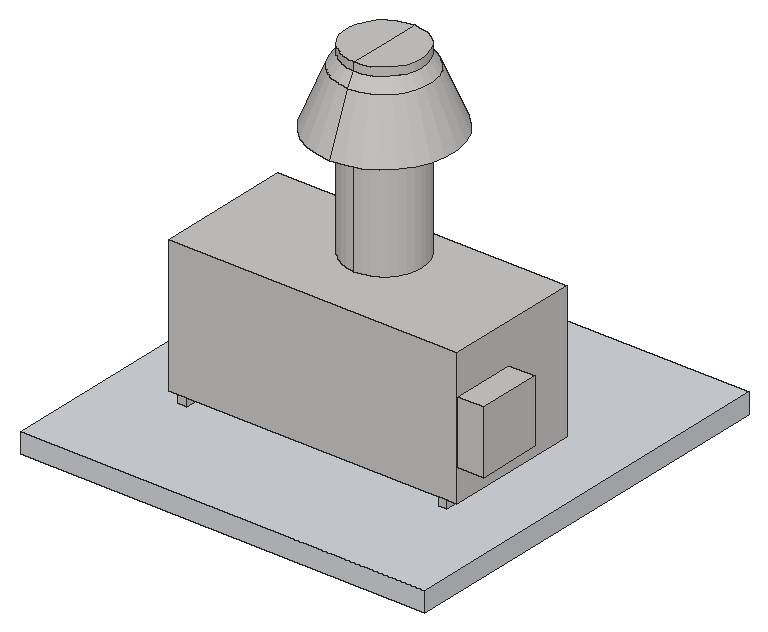
Revit family "DC_Rheem_PLM_Raypak_B1412ID", category Plumbing Fixtures, host Face, Revit 2020
Family settings
  Host = Face
  Round Connector Dimension = Use Radius
  Part Type = Normal
  Cut with Voids When Loaded = No
  Shared = No
  Room Calculation Point = No
Parameters
  Width_ANZRS = 825 mm
  URL = "http://www.rheem.com.au/downloads/PDF/Raypak_Mechanical_Heating_Brochure_July_09.pdf\r\n"
  Type Comments = "Recovery 4988L/h @ 50°C rise\r\n"
  Materials_ANZRS = Raypak - Grey Powder Coated Steel
  PRV_ANZRS = 15 mm
  Model = "B1414PCO/ID\r\n"
  Manufacturer = "Raypak"
  HotWaterOutletRadius_ANZRS = 32.5 mm
  HotWaterOutletDiameter_ANZRS = HotWaterOutletRadius_ANZRS * 2  # 65 mm
  Height_ANZRS = 1990 mm
  GasInletRadius_ANZRS = 16 mm
  GasInletHeight_ANZRS = 410 mm
  GasInletDiameter_ANZRS = GasInletRadius_ANZRS * 2  # 32 mm
  DesignBy_ANZRS = "Design Content ©"
  Description = "Raypak - Gas Water Heater- Indoor - 1296 MJ/h  Propane gas, On/Off gas control\r\n"
  Default Elevation = 0 mm
  ConnectionHeight_ANZRS = 755 mm
  ColdWaterInletRadius_ANZRS = 32.5 mm
  ColdWaterInletDiameter_ANZRS = ColdWaterInletRadius_ANZRS * 2  # 65 mm
  Box Height_ANZRS = 860 mm
  Author_ANZRS = "DM"
  Assembly Code = ""
Types (5, lengths in mm): name | URL | Type Comments | Model | GasInletRadius_ANZRS | GasInletDiameter_ANZRS | Description
  (no name) | "http://www.rheem.com.au/downloads/PDF/Raypak_Mechanical_Heating_Brochure_July_09.pdf\r\n" | "Recovery 4988L/h @ 50°C rise\r\n" | "B1414PCO/ID\r\n" | 16 | 32 | "Raypak - Gas Water Heater- Indoor - 1296 MJ/h  Propane gas, On/Off gas control\r\n"
  Raypak - Gas Water Heater- Indoor - 1412 MJ/h  Natural gas, modulating gas control | "http://www.rheem.com.au/CommercialProducts" | "Recovery 5418L/h @ 50°C rise\r\n" | "B1414NCM/ID\r\n" | 20 | 40 | "Raypak - Gas Water Heater- Indoor - 1412 MJ/h  Natural gas, modulating gas control"
  Raypak - Gas Water Heater- Indoor - 1412 MJ/h  Natural gas, On/Off gas control | "http://www.rheem.com.au/CommercialProducts" | "Recovery 5418L/h @ 50°C rise\r\n" | "B1414NCO/ID\r\n" | 20 | 40 | "Raypak - Gas Water Heater- Indoor - 1412 MJ/h  Natural gas, On/Off gas control\r\n"
  Raypak - Gas Water Heater- Indoor - 1296 MJ/h  Propane gas, modulating gas control | "http://www.rheem.com.au/CommercialProducts" | "Recovery 4988L/h @ 50°C rise\r\n" | "B1414PCM/ID\r\n" | 12.5 | 25 | "Raypak - Gas Water Heater- Indoor - 1296 MJ/h  Propane gas, modulating gas control\r\n"
  Raypak - Gas Water Heater- Indoor - 1296 MJ/h  Propane gas, On/Off gas control | "http://www.rheem.com.au/CommercialProducts" | "Recovery 4988L/h @ 50°C rise\r\n" | "B1414PCO/ID\r\n" | 16 | 32 | "Raypak - Gas Water Heater- Indoor - 1296 MJ/h  Propane gas, On/Off gas control\r\n"
Reference planes
  plane 1 "Center (Front/Back)": y = 0
  plane 2: z = 0
  plane 3 "Center (Left/Right)": x = 0
  plane 4 "H1": z = 1990
  plane 5 "H5": z = 860
  plane 6 "CD 1": z = 755
  plane 7 "CD 2": z = 410
  plane 8 "W1": y = 285
  plane 9 "W2": y = -540
  plane 10 "CD 6": y = 200
  plane 11 "CD 5": y = 130
  plane 12 "CD 4": y = -150
  plane 13 "CD 3": y = -410
  plane 14 "W4": y = 227.5
  plane 15 "W3": y = -227.5
  plane 16: x = -870
  plane 17: x = 870
  plane 18: x = -920
  plane 19: x = -810
  plane 20: x = -760
  plane 21: x = 760
  plane 22: x = 810
  plane 23 "H8": z = 45
  plane 24 "H7": z = 245
  plane 25 "H6": z = 625
  plane 26: x = 1030
  plane 27 "H4": z = 1539.364
  plane 28 "H3": z = 1869.164
  plane 29 "H2": z = 1941.464
  plane 30: y = -227.5
  plane 31: y = -155
Forms (mm)
  Extrusion 1, solid
    sketch origin (0, 0, 0) x (1, 0, 0) y (0, 1, 0)
      loop
        line (-1219.2, 1219.2) -> (-1219.2, -1219.2) -> (1219.2, -1219.2) -> (1219.2, 1219.2) -> (-1219.2, 1219.2)
    from 0 to -120
  Extrusion 2, solid, material "Raypak - Grey Powder Coated Steel" <- "Materials_ANZRS"
    sketch origin (0, 0, 0) x (1, 0, 0) y (0, 1, 0)
      loop
        line (-870, 285) -> (-870, -540) -> (870, -540) -> (870, 285) -> (-870, 285)
    from 45 to 860
  Revolve 3, solid, material "Raypak - Grey Powder Coated Steel" <- "Materials_ANZRS"
    sketch origin (0, 0, 105) x (0, 1, 0) y (0, 0, 1)
      loop
        line (0, 1885) -> (-227.5, 1885) -> (-227.5, 1836.464) -> (-276.845, 1764.164) -> (-410.093, 1434.364) -> (-227.5, 1434.364) -> (-227.5, 755) -> (0, 755) -> (0, 1885)
      axis (0, 1885) -> (0, 755)
    angle from 0 to 360
  Extrusion 4, void
    sketch origin (0, 0, 0) x (0, 1, 0) y (0, 0, 1)
      loop
        circle (200, 755) r 15
      loop
        circle (130, 755) r 32.5
      loop
        circle (-150, 755) r 32.5
    from -870 to -856.802
  Extrusion 5, solid, material "Raypak - Grey Powder Coated Steel" <- "Materials_ANZRS"
    sketch origin (0, 0, 0) x (0, 1, 0) y (0, 0, 1)
      loop
        circle (-410, 410) r 16
    from -920 to -870
  Extrusion 6, solid, material "Raypak - Grey Powder Coated Steel" <- "Materials_ANZRS"
    sketch origin (0, 0, 0) x (1, 0, 0) y (0, 0, 1)
      loop
        line (-760, 0) -> (-760, 45) -> (-810, 45) -> (-810, 0) -> (-760, 0)
      loop
        line (810, 0) -> (810, 45) -> (760, 45) -> (760, 0) -> (810, 0)
    from -285 to 540
  Extrusion 7, solid, material "Raypak - Grey Powder Coated Steel" <- "Materials_ANZRS"
    sketch origin (0, 0, 0) x (1, 0, 0) y (0, 0, 1)
      loop
        line (870, 625) -> (870, 245) -> (1030, 245) -> (1030, 625) -> (870, 625)
    from 155 to 540
Cuts and joins
  Extrusion 4 cuts Extrusion 2
Lines and regions (mm)
  Masking region 1
    outline origin (0, 0, 0) x (1, 0, 0) y (0, 1, 0)
      loop
        line (-870, -540) -> (870, -540) -> (1030, -540) -> (1030, -155) -> (870, -155) -> (870, 285) -> (294.875, 285)
        arc (294.875, 285) -> (160.156, 377.526) -> (0, 410.093) r 410.093
        arc (0, 410.093) -> (-160.156, 377.526) -> (-294.875, 285) r 410.093
        line (-294.875, 285) -> (-870, 285) -> (-870, -540)
  Masking region 2
    outline origin (0, 0, 0) x (1, 0, 0) y (0, 0, 1)
      loop
        line (-810, 0) -> (-760, 0) -> (-760, 45) -> (760, 45) -> (760, 0) -> (810, 0) -> (810, 45) -> (870, 45) -> (870, 245) -> (1030, 245) -> (1030, 625) -> (870, 625) -> (870, 860) -> (227.5, 860) -> (227.5, 1539.364) -> (410.093, 1539.364) -> (276.845, 1869.164) -> (227.5, 1941.464) -> (227.5, 1990) -> (0, 1990) -> (-227.5, 1990) -> (-227.5, 1941.464) -> (-276.845, 1869.164) -> (-410.093, 1539.364) -> (-227.5, 1539.364) -> (-227.5, 860) -> (-870, 860) -> (-870, 45) -> (-810, 45) -> (-810, 0)
  Masking region 3
    outline origin (0, 0, 0) x (0, 1, 0) y (0, 0, 1)
      loop
        line (-227.5, 1990) -> (-227.5, 1941.464) -> (-276.845, 1869.164) -> (-410.093, 1539.364) -> (-227.5, 1539.364) -> (-227.5, 860) -> (-540, 860) -> (-540, 0) -> (285, 0) -> (285, 860) -> (227.5, 860) -> (227.5, 1539.364) -> (410.093, 1539.364) -> (276.845, 1869.164) -> (227.5, 1941.464) -> (227.5, 1990) -> (-227.5, 1990)
  symbolic lines, style "Rheem Raypak", detail levels fine
    curve 1: line (0, 285, 0) -> (0, 285, 860)
    curve 2: line (0, 285, 860) -> (0, -540, 860)
    curve 3: line (0, -540, 860) -> (0, -540, 0)
    curve 4: arc (0, 97.5, 755) -> (0, 130, 722.5) -> (0, 162.5, 755) r 32.5
    curve 5: arc (0, 162.5, 755) -> (0, 130, 787.5) -> (0, 97.5, 755) r 32.5
    curve 6: arc (0, 185, 755) -> (0, 200, 740) -> (0, 215, 755) r 15
    curve 7: arc (0, 215, 755) -> (0, 200, 770) -> (0, 185, 755) r 15
    curve 8: arc (0, -182.5, 755) -> (0, -150, 722.5) -> (0, -117.5, 755) r 32.5
    curve 9: arc (0, -117.5, 755) -> (0, -150, 787.5) -> (0, -182.5, 755) r 32.5
    curve 10: arc (0, -394, 410) -> (0, -410, 394) -> (0, -426, 410) r 16
    curve 11: arc (0, -426, 410) -> (0, -410, 426) -> (0, -394, 410) r 16
    curve 12: line (0, -540, 45) -> (0, 285, 45)
    curve 13: line (0, -540, 0) -> (0, 285, 0)
    curve 14: line (-227.5, 0, 1990) -> (203.249, 0, 1990)
    curve 15: line (-227.5, 0, 1941.464) -> (227.5, 0, 1941.464)
    curve 16: line (-276.845, 0, 1869.164) -> (276.845, 0, 1869.164)
    curve 17: line (-410.093, 0, 1539.364) -> (410.093, 0, 1539.364)
    curve 18: line (870, 0, 860) -> (-870, 0, 860)
    curve 19: line (-870, 0, 45) -> (870, 0, 45)
    curve 20: line (760, 0, 0) -> (810, 0, 0)
    curve 21: line (-810, 0, 0) -> (-760, 0, 0)
    curve 22: line (1030, 0, 625) -> (870, 0, 625)
    curve 23: line (870, 0, 245) -> (1030, 0, 245)
    curve 24: line (1030, 0, 245) -> (1030, 0, 625)
    curve 25: line (227.5, 0, 1539.364) -> (227.5, 0, 860)
    curve 26: line (-227.5, 0, 1990) -> (-227.5, 0, 1941.464)
    curve 27: line (-410.093, 0, 1539.364) -> (-276.845, 0, 1869.164)
    curve 28: line (-227.5, 0, 1539.364) -> (-227.5, 0, 860)
    curve 29: line (-810, 0, 45) -> (-810, 0, 0)
    curve 30: line (-760, 0, 0) -> (-760, 0, 45)
    curve 31: line (810, 0, 0) -> (810, 0, 45)
    curve 32: line (760, 0, 45) -> (760, 0, 0)
    curve 33: line (-920, 0, 425) -> (-920, 0, 395)
    curve 34: line (-920, 0, 425) -> (-870, 0, 425)
    curve 35: line (-920, 0, 395) -> (-870, 0, 395)
    curve 36: arc (0, -410.093, 0) -> (410.093, 0, 0) -> (0, 410.093, 0) r 410.093
    curve 37: arc (0, 410.093, 0) -> (-410.093, 0, 0) -> (0, -410.093, 0) r 410.093
    curve 38: arc (0, -227.5, 0) -> (-227.5, 0, 0) -> (0, 227.5, 0) r 227.5
    curve 39: arc (0, -276.845, 0) -> (-276.845, 0, 0) -> (0, 276.845, 0) r 276.845
    curve 40: arc (0, 227.5, 0) -> (227.5, 0, 0) -> (0, -227.5, 0) r 227.5
    curve 41: arc (0, 276.845, 0) -> (276.845, 0, 0) -> (0, -276.845, 0) r 276.845
    curve 42: line (870, 285, 0) -> (294.875, 285, 0)
    curve 43: line (-870, 285, 0) -> (-870, -540, 0)
    curve 44: line (-870, -540, 0) -> (870, -540, 0)
    curve 45: line (870, -540, 0) -> (870, 285, 0)
    curve 46: line (1030, -540, 0) -> (1030, -155, 0)
    curve 47: line (1030, -155, 0) -> (870, -155, 0)
    curve 48: line (870, -540, 0) -> (1030, -540, 0)
    curve 49: line (-920, -395, 0) -> (-920, -425, 0)
    curve 50: line (-920, -395, 0) -> (-870, -395, 0)
    curve 51: line (-920, -425, 0) -> (-870, -425, 0)
    curve 52: line (0, 227.5, 1539.364) -> (0, 227.5, 860)
    curve 53: line (0, -227.5, 1539.364) -> (0, -227.5, 860)
    curve 54: line (-870, 0, 860) -> (-870, 0, 45)
    curve 55: line (870, 0, 45) -> (870, 0, 860)
    curve 56: line (-294.875, 285, 0) -> (-870, 285, 0)
    curve 57: line (-410.093, 0, 1539.364) -> (-276.845, 0, 1869.164)
    curve 58: line (-227.5, 0, 1941.464) -> (-276.845, 0, 1869.164)
    curve 59: line (-227.5, 0, 1941.464) -> (-227.5, 0, 1990)
    curve 60: line (227.5, 0, 1990) -> (227.5, 0, 1941.464)
    curve 61: line (227.5, 0, 1941.464) -> (276.845, 0, 1869.164)
    curve 62: line (227.5, 0, 1941.464) -> (227.5, 0, 1990)
    curve 63: line (410.093, 0, 1539.364) -> (276.845, 0, 1869.164)
    curve 64: line (0, 227.5, 1941.464) -> (0, -227.5, 1941.464)
    curve 65: line (0, 276.845, 1869.164) -> (0, -276.845, 1869.164)
    curve 66: line (0, -227.5, 1990) -> (0, 227.5, 1990)
    curve 67: line (0, -410.093, 1539.364) -> (0, 410.093, 1539.364)
    curve 68: line (0, 227.5, 1990) -> (0, 227.5, 1941.464)
    curve 69: line (0, -227.5, 1990) -> (0, -227.5, 1941.464)
    curve 70: line (0, 410.093, 1539.364) -> (0, 276.845, 1869.164)
    curve 71: line (0, 276.845, 1869.164) -> (0, 227.5, 1941.464)
    curve 72: line (0, -410.093, 1539.364) -> (0, -276.845, 1869.164)
    curve 73: line (0, -276.845, 1869.164) -> (0, -227.5, 1941.464)
Dimensions and locks
  "Height_ANZRS": plane 4 "H1" to level
  "Box Height_ANZRS": plane 5 "H5" to level
  "ConnectionHeight_ANZRS": plane 6 "CD 1" to Extrusion 1
  "GasInletHeight_ANZRS": plane 7 "CD 2" to level
  plane 8 "W1" to plane 9 "W2" = 825 mm
  plane 8 "W1" to plane 10 "CD 6" = 85 mm
  plane 8 "W1" to plane 11 "CD 5" = 155 mm
  plane 11 "CD 5" to plane 12 "CD 4" = 280 mm
  plane 13 "CD 3" to plane 9 "W2" = 130 mm
  plane 1 "Center (Front/Back)" to plane 9 "W2" = 540 mm
  locked: plane 19 to plane 16 at 60
  locked: plane 20 to plane 19 at 50
  locked: plane 17 to plane 22 at 60
  locked: plane 22 to plane 21 at 50
  plane 23 "H8" to level = 45 mm
  plane 24 "H7" to level = 245 mm
  plane 25 "H6" to plane 24 "H7" = 380 mm
  locked: plane 17 to plane 26 at 160
  plane 4 "H1" to plane 29 "H2" to plane 28 "H3" to plane 27 "H4" = 48.536 mm locked, 72.3 mm locked, 329.8 mm locked
  equal spacing: plane 17, plane 3 "Center (Left/Right)", plane 16
  plane 17 to plane 16 = 1740 mm
  equal spacing: plane 14 "W4", plane 1 "Center (Front/Back)", plane 15 "W3"
  plane 14 "W4" to plane 15 "W3" = 455 mm
  plane 1 "Center (Front/Back)" to plane 30 = 227.5 mm
  locked: plane 16 to plane 18 at 50
  "GasInletRadius_ANZRS": radius of Extrusion 5 sketch curve
  "HotWaterOutletRadius_ANZRS": radius of Extrusion 4 sketch curve
  "ColdWaterInletRadius_ANZRS": radius of Extrusion 4 sketch curve
  "PRV_ANZRS": radius of Extrusion 4 sketch curve
  aligned and locked: plane 2 to Extrusion 1
  aligned and locked: level to Extrusion 1
  aligned and locked: plane 8 "W1" to Extrusion 2 sketch curve
  aligned and locked: plane 16 to Extrusion 2 sketch curve
  aligned and locked: plane 9 "W2" to Extrusion 2 sketch curve
  aligned and locked: plane 17 to Extrusion 2 sketch curve
  aligned and locked: plane 5 "H5" to Extrusion 2
  aligned and locked: Revolve 3 sketch curve to plane 1 "Center (Front/Back)"
  aligned and locked: plane 11 "CD 5" to Extrusion 4 sketch curve
  aligned and locked: plane 10 "CD 6" to Extrusion 4 sketch curve
  aligned and locked: plane 6 "CD 1" to Extrusion 4 sketch curve  (x3)
  aligned and locked: Extrusion 4 to plane 16
  aligned and locked: plane 7 "CD 2" to Extrusion 5 sketch curve
  aligned and locked: plane 13 "CD 3" to Extrusion 5 sketch curve
  aligned and locked: plane 16 to Extrusion 5
  aligned and locked: Extrusion 5 to plane 18
  aligned and locked: Extrusion 2 to plane 23 "H8"
  aligned and locked: level to Extrusion 6 sketch curve  (x2)
  aligned and locked: Extrusion 6 sketch curve to plane 20
  aligned and locked: Extrusion 6 sketch curve to plane 23 "H8"  (x2)
  aligned and locked: plane 19 to Extrusion 6 sketch curve
  aligned and locked: Extrusion 6 sketch curve to plane 22
  aligned and locked: plane 21 to Extrusion 6 sketch curve
  aligned and locked: Extrusion 6 to plane 8 "W1"
  aligned and locked: Extrusion 6 to plane 9 "W2"
  aligned and locked: Extrusion 7 sketch curve to plane 25 "H6"
  aligned and locked: Extrusion 7 sketch curve to plane 26
  aligned and locked: Extrusion 7 sketch curve to plane 24 "H7"
  aligned and locked: cut or joined group of Extrusion 2, Extrusion 4 to Extrusion 7 sketch curve
  aligned and locked: Extrusion 7 to plane 9 "W2"
  aligned and locked: plane 12 "CD 4" to Extrusion 4 sketch curve
  aligned and locked: Revolve 3 sketch curve to plane 4 "H1"
  aligned and locked: plane 5 "H5" to Revolve 3 sketch curve
  aligned and locked: plane 27 "H4" to Revolve 3 sketch curve
  aligned and locked: curve 1 to cut or joined group of Extrusion 2, Extrusion 4
  aligned and locked: curve 2 to cut or joined group of Extrusion 2, Extrusion 4
  aligned and locked: curve 3 to cut or joined group of Extrusion 2, Extrusion 4
  aligned and locked: curve 4 to cut or joined group of Extrusion 2, Extrusion 4
  aligned and locked: curve 5 to cut or joined group of Extrusion 2, Extrusion 4
  aligned and locked: curve 6 to cut or joined group of Extrusion 2, Extrusion 4
  aligned and locked: curve 7 to cut or joined group of Extrusion 2, Extrusion 4
  aligned and locked: curve 8 to cut or joined group of Extrusion 2, Extrusion 4
  aligned and locked: curve 9 to cut or joined group of Extrusion 2, Extrusion 4
  aligned and locked: curve 10 to Extrusion 5
  aligned and locked: curve 11 to Extrusion 5
  aligned and locked: curve 12 to cut or joined group of Extrusion 2, Extrusion 4
  aligned and locked: curve 13 to Extrusion 6
  aligned and locked: curve 14 to Revolve 3
  aligned and locked: curve 15 to plane 29 "H2"
  aligned and locked: curve 16 to plane 28 "H3"
  aligned and locked: curve 17 to Revolve 3
  aligned and locked: curve 18 to cut or joined group of Extrusion 2, Extrusion 4
  aligned and locked: curve 19 to cut or joined group of Extrusion 2, Extrusion 4
  aligned and locked: curve 20 to Extrusion 6
  aligned and locked: curve 21 to Extrusion 6
  aligned and locked: curve 22 to Extrusion 7
  aligned and locked: curve 23 to Extrusion 7
  aligned and locked: curve 24 to Extrusion 7
  aligned and locked: plane 5 "H5" to curve 28
  aligned and locked: plane 27 "H4" to curve 28
  aligned and locked: curve 29 to Extrusion 6
  aligned and locked: curve 30 to Extrusion 6
  aligned and locked: curve 31 to Extrusion 6
  aligned and locked: curve 32 to Extrusion 6
  aligned and locked: Extrusion 5 to curve 33
  aligned and locked: curve 36 to Revolve 3
  aligned and locked: curve 37 to Revolve 3
  aligned and locked: curve 38 to Revolve 3
  aligned and locked: curve 39 to Revolve 3
  aligned and locked: curve 40 to Revolve 3
  aligned and locked: curve 41 to Revolve 3
  aligned and locked: curve 42 to cut or joined group of Extrusion 2, Extrusion 4
  aligned and locked: curve 43 to cut or joined group of Extrusion 2, Extrusion 4
  aligned and locked: curve 44 to cut or joined group of Extrusion 2, Extrusion 4
  aligned and locked: curve 45 to cut or joined group of Extrusion 2, Extrusion 4
  aligned and locked: curve 46 to Extrusion 7
  aligned and locked: curve 47 to Extrusion 7
  aligned and locked: curve 48 to Extrusion 7
  aligned and locked: Extrusion 5 to curve 49
  aligned and locked: plane 14 "W4" to curve 52
  aligned and locked: curve 53 to plane 15 "W3"
  aligned and locked: Masking region 1 sketch curve to curve 44
  aligned and locked: Masking region 1 sketch curve to curve 48
  aligned and locked: Masking region 1 sketch curve to curve 46
  aligned and locked: Masking region 1 sketch curve to curve 47
  aligned and locked: curve 45 to Masking region 1 sketch curve
  aligned and locked: Masking region 1 sketch curve to curve 42
  aligned and locked: Masking region 1 sketch curve to curve 37
  aligned and locked: Masking region 1 sketch curve to curve 36
  aligned and locked: Masking region 1 sketch curve to curve 56
  aligned and locked: Masking region 1 sketch curve to curve 43
  aligned and locked: plane 29 "H2" to Revolve 3 sketch curve
  aligned and locked: Revolve 3 sketch curve to plane 15 "W3"
  aligned and locked: plane 15 "W3" to Revolve 3 sketch curve
  aligned and locked: Masking region 2 sketch curve to Extrusion 6  (x6)
  aligned and locked: Masking region 2 sketch curve to cut or joined group of Extrusion 2, Extrusion 4  (x4)
  aligned and locked: Masking region 2 sketch curve to curve 28
  aligned and locked: Masking region 2 sketch curve to Revolve 3  (x3)
  aligned and locked: Masking region 2 sketch curve to curve 57
  aligned and locked: Masking region 2 sketch curve to curve 58
  aligned and locked: Masking region 2 sketch curve to curve 59
  aligned and locked: Revolve 3 to Masking region 2 sketch curve
  aligned and locked: Masking region 2 sketch curve to curve 63
  aligned and locked: Masking region 2 sketch curve to curve 61
  aligned and locked: Masking region 2 sketch curve to curve 62
  aligned and locked: Masking region 2 sketch curve to curve 25
  aligned and locked: Masking region 2 sketch curve to Extrusion 7  (x3)
  aligned and locked: Masking region 3 sketch curve to Revolve 3  (x2)
  aligned and locked: Masking region 3 sketch curve to curve 52
  aligned and locked: Masking region 3 sketch curve to cut or joined group of Extrusion 2, Extrusion 4  (x3)
  aligned and locked: Masking region 3 sketch curve to Extrusion 6
  aligned and locked: Masking region 3 sketch curve to curve 53
  aligned and locked: plane 31 to Extrusion 7
Automatic sketch dimensions
  Extrusion 1 sketch curve to Extrusion 1 sketch curve = 2438.4 mm  (x2)
  curve 49 to plane 18 = 0 mm
  curve 50 to plane 16 = 0 mm
  plane 8 "W1" to curve 56 = 0 mm
  plane 8 "W1" to curve 42 = 0 mm
  curve 42 to plane 17 = 0 mm
  plane 1 "Center (Front/Back)" to curve 47 = 155 mm
  curve 47 to plane 26 = 0 mm
  curve 45 to plane 9 "W2" = 0 mm
  plane 13 "CD 3" to curve 51 = 15 mm
  curve 50 to plane 13 "CD 3" = 15 mm
  curve 33 to plane 18 = 0 mm
  curve 34 to plane 16 = 0 mm
  curve 29 to plane 19 = 0 mm
  curve 30 to plane 20 = 0 mm
  curve 26 to plane 4 "H1" = 0 mm
  curve 60 to plane 4 "H1" = 0 mm
  curve 62 to plane 4 "H1" = 0 mm
  curve 32 to level = 0 mm
  curve 32 to plane 21 = 0 mm
  curve 31 to plane 22 = 0 mm
  plane 17 to curve 55 = 0 mm
  curve 24 to plane 24 "H7" = 0 mm
  curve 24 to plane 26 = 0 mm
  curve 29 to level = 0 mm
  curve 31 to plane 23 "H8" = 0 mm
  curve 24 to plane 25 "H6" = 0 mm
  plane 20 to curve 17 = 349.907 mm
  curve 16 to curve 26 = 49.345 mm
  curve 17 to curve 28 = 182.593 mm
  plane 3 "Center (Left/Right)" to curve 15 = 227.5 mm
  curve 14 to curve 15 = 24.251 mm
  curve 60 to curve 16 = 49.345 mm
  curve 25 to curve 63 = 182.593 mm
  curve 35 to plane 7 "CD 2" = 15 mm
  plane 7 "CD 2" to curve 34 = 15 mm
  Revolve 3 sketch curve to plane 28 "H3" = 0 mm
  Revolve 3 sketch curve to plane 1 "Center (Front/Back)" = 0 mm
  Revolve 3 sketch curve to plane 15 "W3" = 49.345 mm
  plane 13 "CD 3" to Revolve 3 sketch curve = 0.093 mm
  Revolve 3 sketch curve to Revolve 3 sketch curve = 310 mm
  Revolve 3 sketch curve to Revolve 3 sketch curve = 130 mm
  Masking region 1 sketch curve to plane 17 = 0 mm
  Masking region 2 sketch curve to plane 3 "Center (Left/Right)" = 0 mm
  plane 17 to Masking region 2 sketch curve = 0 mm
  Masking region 2 sketch curve to plane 23 "H8" = 0 mm  (x2)
  Masking region 2 sketch curve to plane 5 "H5" = 0 mm
  curve 13 to level = 0 mm
  curve 13 to plane 9 "W2" = 0 mm
  curve 71 to plane 28 "H3" = 0 mm
  curve 1 to plane 5 "H5" = 0 mm
  curve 1 to plane 8 "W1" = 0 mm
  plane 13 "CD 3" to curve 67 = 0.093 mm
  curve 73 to plane 15 "W3" = 49.345 mm
  plane 8 "W1" to curve 71 = 8.155 mm
  curve 67 to plane 8 "W1" = 125.093 mm
  Masking region 3 sketch curve to plane 5 "H5" = 0 mm
  Masking region 3 sketch curve to plane 27 "H4" = 0 mm
  curve 68 to plane 4 "H1" = 0 mm
  curve 70 to plane 27 "H4" = 0 mm
  curve 71 to plane 29 "H2" = 0 mm
  curve 64 to plane 15 "W3" = 0 mm
  curve 66 to plane 14 "W4" = 0 mm
  curve 53 to plane 27 "H4" = 0 mm
  curve 52 to plane 27 "H4" = 0 mm
  Masking region 3 sketch curve to plane 28 "H3" = 0 mm  (x2)
  Masking region 3 sketch curve to plane 15 "W3" = 0 mm
  Masking region 3 sketch curve to plane 14 "W4" = 0 mm
  Masking region 3 sketch curve to plane 29 "H2" = 0 mm  (x2)
  plane 13 "CD 3" to Masking region 3 sketch curve = 0.093 mm
  Masking region 3 sketch curve to plane 15 "W3" = 49.345 mm
  plane 8 "W1" to Masking region 3 sketch curve = 8.155 mm
  Masking region 3 sketch curve to plane 8 "W1" = 125.093 mm
  curve 57 to plane 3 "Center (Left/Right)" = 276.845 mm
  plane 3 "Center (Left/Right)" to curve 25 = 227.5 mm
Connectors
  piping at (-920, -410, 410), diameter 32, driven by "GasInletRadius_ANZRS"
    settings: on Extrusion 5, index 3, connector inside diameter 1.25984", connector length 0 mm, flow factor 0, pipe flow 0 GPM, pressure drop 0.00 psi, fitting loss kfactor 0, connector angle 0.00°, fixture units 0, engagement length 0 mm, angle of deflection 0.00°, flow configuration 1, flow direction 1, fitting loss method 0, system type 22, joint type 0, gender type 0, connector reference index -1, connector utility 0, adjustable connector no, is connector primary yes, connector description "Gas"
  piping at (-870, -150, 755), diameter 65, driven by "ColdWaterInletRadius_ANZRS"
    settings: on cut or joined group of Extrusion 2, Extrusion 4, index 4, connector inside diameter 2.55906", connector length 0 mm, flow factor 0, pipe flow 0 GPM, pressure drop 0.00 psi, fitting loss kfactor 0, connector angle 0.00°, fixture units 0, engagement length 0 mm, angle of deflection 0.00°, flow configuration 1, flow direction 1, fitting loss method 0, system type 20, joint type 0, gender type 0, connector reference index -1, connector utility 0, adjustable connector no, is connector primary no, connector description ""
  piping at (-870, 130, 755), diameter 65, driven by "HotWaterOutletRadius_ANZRS"
    settings: on cut or joined group of Extrusion 2, Extrusion 4, index 5, connector inside diameter 2.55906", connector length 0 mm, flow factor 0, pipe flow 0 GPM, pressure drop 0.00 psi, fitting loss kfactor 0, connector angle 0.00°, fixture units 0, engagement length 0 mm, angle of deflection 0.00°, flow configuration 1, flow direction 2, fitting loss method 0, system type 19, joint type 0, gender type 0, connector reference index -1, connector utility 0, adjustable connector no, is connector primary no, connector description ""
  piping at (-870, 200, 755), diameter 30
    settings: on cut or joined group of Extrusion 2, Extrusion 4, index 6, connector inside diameter 1.1811", connector length 0 mm, flow factor 0, pipe flow 0 GPM, pressure drop 0.00 psi, fitting loss kfactor 0, connector angle 0.00°, fixture units 0, engagement length 0 mm, angle of deflection 0.00°, flow configuration 1, flow direction 2, fitting loss method 0, system type 22, joint type 0, gender type 0, connector reference index -1, connector utility 0, adjustable connector no, is connector primary no, connector description "PRV"
